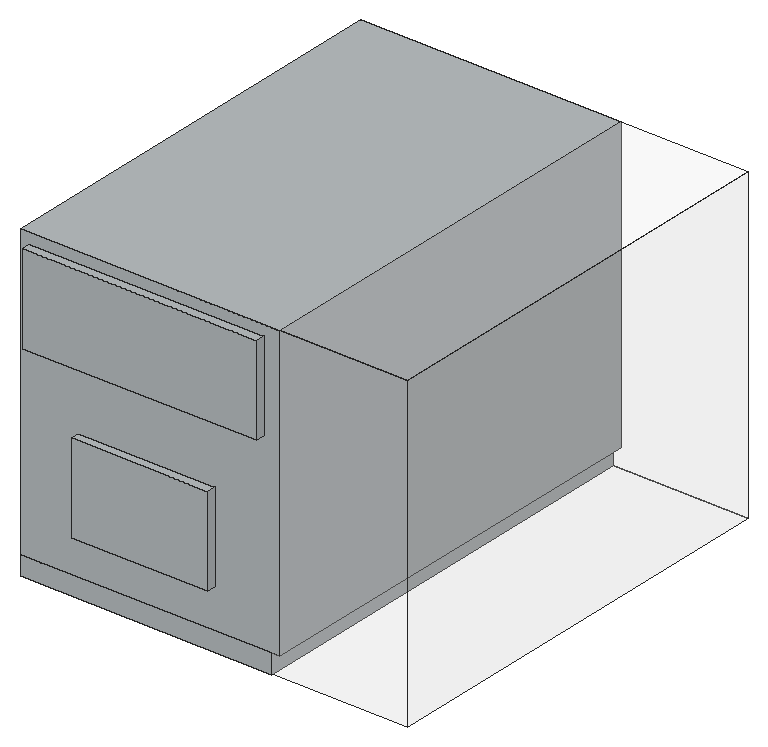
Revit family "lp-250x4-50_50Hz", category 機械設備, Revit 2019
Family settings
  丸型コネクタ寸法 = 直径を使用
  パーツ タイプ = 標準
  OmniClass 番号 = 23.75.10.34.21
  OmniClass タイトル = Heat Exchangers for Ventilation Air
  作業面ベース = いいえ
  常に垂直 = はい
  ロード時にボイドで切り取り = いいえ
  共有 = いいえ
  部屋計算ポイント = はい
Parameters (values of type "LP-250X4-50")
  騒音レベル(dB(A)) = 52.5
  風量 = 2500.0 m³/h
  面風速 = 2.58 m/s
  電源種別 [instance] = ""
  電圧 = 200 V
  電動機出力 = 1.5 W
  集中コントローラ = ""
  運転質量 = 0.00 kg
  連動 [instance] = ""
  質量 = if(製品質量 > 運転質量, 製品質量, 運転質量) * 1.2  # 540.00 kg
  負荷分類 = 3_ファン類
  説明 = "設備用ロスナイ ビル用ロスナイパック形"
  設計風量 = 0.0 m³/h
  設置方法 = "床置形"
  記号 [instance] = ""
  製造元 = "三菱電機株式会社"
  製品質量 = 450.00 kg
  製品出荷対象 = "国内"
  製品リリース年月 = "2018/7/25"
  製品グループ = ""
  系統 [instance] = ""
  符号 = "HEU"
  積算_科目 = "1 空気調和設備"
  積算_拾い区分 [instance] = ""
  相 = 3
  盤記号 [instance] = ""
  発停方法 [instance] = ""
  特殊仕様 [instance] = ""
  火災停止 [instance] = ""
  温度交換効率 = 77.00%
  消費電力 = 2500 W
  法定耐用年数 = "15"
  機外静圧_排気 = 393.0 Pa
  機外静圧 = 393.0 Pa
  極数 = 3
  材質 [instance] = ""
  本体固定用穴ピッチ2 = 565 mm
  本体固定用穴ピッチ1 = 1930 mm
  本体固定用穴_径 = 20 mm
  本体マテリアル = 溶融亜鉛めっき鋼板
  操作・制御方式 = ""
  操作・制御スイッチ = ""
  排気量 = 0.0 m³/h
  形式 = "床置形"
  幹線記号 [instance] = ""
  対象室 [instance] = ""
  実風量 = 0.0 m³/h
  始動方式 [instance] = "直入"
  外気量 = 0.0 m³/h
  呼称 = "全熱交換ユニット"
  周波数 = 50 Hz
  参照している仕様書等のバージョン = "公共建築工事標準仕様書（機械設備工事編）平成31年度版"
  初期抵抗 = 0.0 Pa
  分類コード = "50052504100050"
  分類グループ = ""
  価格 = 5874000
  企業コード = "108420"
  付属品_フィルター_還気 = ""
  付属品_フィルター = ""
  付属品 [instance] = ""
  仕様書バージョン = "Version1.0"
  モデル = "LP-250X4-50"
  メンテナンススペース = yes
  コメント [instance] = ""
  Keynote = ""
  エンタルピ交換効率_暖房 = 66.00%
  エンタルピ交換効率_冷房 = 60.00%
  Assembly Code = ""
  Width = 1218 mm
  W1 = 1180 mm
  Version = ""
  Uniclass2015Version = "Systems v1.9"
  Uniclass2015Title = "Thermal wheels"
  Uniclass2015Code = "Pr_60_60_36_88"
  URL = "https://www.mitsubishielectric.co.jp/ldg/wink/ssl/displayProduct.do?pid=294062"
  SpecificationReference = ""
  SpecificationDescription = ""
  SAサイズ_W = 640 mm
  SAサイズ_D = 420 mm
  Revision = ""
  RAダクト接続_通常 = yes
  RAダクト接続_変更1 = not(RAダクト接続_通常)  # no
  RAサイズ_W = 1100 mm
  RAサイズ_D = 420 mm
  ProductInformation = ""
  OmniClassCode = "23-27 23 19 11"
  OAダクト接続_通常 = yes
  OAダクト接続_変更1 = not(OAダクト接続_通常)  # no
  OAサイズ_W = 1100 mm
  OAサイズ_D = 420 mm
  MIN風量 = 0.0 m³/h
  MIN静圧 = 0.0 Pa
  MID風量 = 0.0 m³/h
  MID静圧 = 0.0 Pa
  MAX風量 = 2500.0 m³/h
  MAX静圧 = 393.0 Pa
  IfcTypeProduct = ""
  IfcProduct = ""
  IfcExportType = "ROTARYWHEEL"
  IfcExportAs = "IfcAirToAirHeatRecoveryType"
  Height = 1370 mm
  H1 = 90 mm
  EAサイズ_W = 640 mm
  EAサイズ_D = 420 mm
  Duct_SA_W = 273 mm
  Duct_SA_H = 274 mm
  Duct_RA_W = 43 mm
  Duct_RA_H = 296 mm
  Duct_RA_D = 49 mm
  Duct_OA_W = 43 mm
  Duct_OA_H = 296 mm
  Duct_OA_D = 49 mm
  Duct_Height = 41 mm
  Duct_EA_W = 273 mm
  Duct_EA_H = 274 mm
  Depth = 2000 mm
  D1 = 2000 mm
  Clearance Top = 0 mm
  Clearance Right = 600 mm
  Clearance Left = 0 mm
  Clearance Front = 0 mm
  Clearance Bottom = 0 mm
  Clearance Back = 0 mm
  Author = "三菱電機株式会社"
Reference planes
  plane 1 "中心(正面/背面)": y = 0
  plane 2: z = 0
  plane 3 "中心(左/右)": x = 0
  plane 4: x = 590
  plane 5: x = 628
  plane 6: y = 1000
  plane 7: y = 1000
  plane 8: y = -1000
  plane 9: y = -1000
  plane 10: x = -590
  plane 11: x = -590
  plane 12: y = 741
  plane 13: y = -741
  plane 14: y = -531
  plane 15: y = -951
  plane 16: y = 951
  plane 17: y = 531
  plane 18: x = -547
  plane 19: x = 553
  plane 20: z = 90
  plane 21: z = 1460
  plane 22: z = 1501
  plane 23: y = 565
  plane 24: y = -565
  plane 25: x = -965
  plane 26: x = 965
  plane 27: x = 1228
  plane 28: x = -590
  plane 29: y = 1000
  plane 30: y = -1000
  plane 31: z = 1460
  plane 32: z = 0
  plane 33: x = -317
  plane 34: x = 323
  plane 35: z = 274
  plane 36: z = 694
  plane 37: z = 990
  plane 38: z = 1410
  plane 39: x = -547
  plane 40: x = 553
  plane 41: y = -1041
  plane 42: y = 1041
  plane 43: x = -317
  plane 44: x = 323
  plane 45: z = 274
  plane 46: z = 694
  plane 47: z = 990
  plane 48: z = 1410
Forms (mm)
  Extrusion 1, solid, material "溶融亜鉛めっき鋼板" <- "本体マテリアル", detail levels fine
    sketch origin (0, 0, 0) x (1, 0, 0) y (0, 1, 0)
      loop
        line (-590, 1000) -> (-590, -1000) -> (628, -1000) -> (628, 1000) -> (-590, 1000)
    from 90 to 1460
  Extrusion 2, solid, material "溶融亜鉛めっき鋼板" <- "本体マテリアル", detail levels fine
    sketch origin (0, 0, 0) x (1, 0, 0) y (0, 1, 0)
      loop
        line (-590, 1000) -> (-590, -1000) -> (590, -1000) -> (590, 1000) -> (-590, 1000)
    from 0 to 90
  Extrusion 3, solid, material "溶融亜鉛めっき鋼板" <- "本体マテリアル", visible <- "RAダクト接続_変更1", detail levels fine
    sketch origin (0, 0, 0) x (1, 0, 0) y (0, 1, 0)
      loop
        line (-547, -951) -> (553, -951) -> (553, -531) -> (-547, -531) -> (-547, -951)
    from 1460 to 1501
  Extrusion 4, solid, material "溶融亜鉛めっき鋼板" <- "本体マテリアル", visible <- "OAダクト接続_変更1", detail levels fine
    sketch origin (0, 0, 0) x (1, 0, 0) y (0, 1, 0)
      loop
        line (-547, 951) -> (-547, 531) -> (553, 531) -> (553, 951) -> (-547, 951)
    from 1460 to 1501
  Extrusion 5, solid, material "溶融亜鉛めっき鋼板" <- "本体マテリアル", detail levels fine
    sketch origin (0, 0, 0) x (1, 0, 0) y (0, 0, 1)
      loop
        line (-317, 274) -> (323, 274) -> (323, 694) -> (-317, 694) -> (-317, 274)
    from 1000 to 1041
  Extrusion 6, solid, material "溶融亜鉛めっき鋼板" <- "本体マテリアル", detail levels fine
    sketch origin (0, 0, 0) x (1, 0, 0) y (0, 0, 1)
      loop
        line (323, 694) -> (-317, 694) -> (-317, 274) -> (323, 274) -> (323, 694)
    from -1041 to -1000
  Extrusion 7, solid, material "溶融亜鉛めっき鋼板" <- "本体マテリアル", visible <- "OAダクト接続_通常", detail levels fine
    sketch origin (0, -420, 0) x (1, 0, 0) y (0, 0, 1)
      loop
        line (-547, 990) -> (553, 990) -> (553, 1410) -> (-547, 1410) -> (-547, 990)
    from -1461 to -1420
  Extrusion 8, solid, material "溶融亜鉛めっき鋼板" <- "本体マテリアル", visible <- "RAダクト接続_通常", detail levels fine
    sketch origin (0, 240, 0) x (1, 0, 0) y (0, 0, 1)
      loop
        line (-547, 1410) -> (-547, 990) -> (553, 990) -> (553, 1410) -> (-547, 1410)
    from 1240 to 1281
Lines and regions (mm)
  Masking region 1, detail levels coarse+medium
    outline origin (1331.5, 88, 0) x (1, 0, 0) y (0, 1, 0)
      loop
        line (-1921.5, 912) -> (-1921.5, -1088) -> (-741.5, -1088) -> (-741.5, 912) -> (-1921.5, 912)
  symbolic lines, detail levels coarse+medium
    curve 1: line (0, 1000, 0) -> (-590, 0, 0)
    curve 2: line (-590, 0, 0) -> (0, -1000, 0)
    curve 3: line (0, -1000, 0) -> (590, 0, 0)
    curve 4: line (0, 1000, 0) -> (590, 0, 0)
Dimensions and locks
  equal spacing: plane 10, plane 3 "中心(左/右)", plane 4
  "W1": plane 10 to plane 4
  "Width": plane 11 to plane 5
  equal spacing: plane 7, plane 1 "中心(正面/背面)", plane 9
  "D1": plane 7 to plane 9
  equal spacing: plane 6, plane 1 "中心(正面/背面)", plane 8
  "Depth": plane 6 to plane 8
  equal spacing: plane 15, plane 13, plane 14
  "RAサイズ_D": plane 15 to plane 14
  equal spacing: plane 17, plane 12, plane 16
  "OAサイズ_D": plane 17 to plane 16
  "RAサイズ_W": plane 18 to plane 19
  locked: plane 11 to plane 10 at 0
  "H1": plane 20 to level
  "Height": plane 21 to plane 20
  "Duct_Height": plane 22 to plane 21
  "本体固定用穴ピッチ2": plane 1 "中心(正面/背面)" to plane 23
  "本体固定用穴ピッチ2": plane 24 to plane 1 "中心(正面/背面)"
  equal spacing: plane 25, plane 3 "中心(左/右)", plane 26
  "本体固定用穴ピッチ1": plane 25 to plane 26
  "Clearance Right": plane 5 to plane 27
  "Clearance Left": plane 28 to plane 11
  "Clearance Back": plane 29 to plane 6
  "Clearance Front": plane 8 to plane 30
  "Clearance Top": plane 31 to plane 21
  "Clearance Bottom": level to plane 32
  "Duct_RA_D": plane 8 to plane 15
  "Duct_OA_D": plane 6 to plane 16
  "Duct_SA_H": plane 35 to level
  "SAサイズ_D": plane 36 to plane 35
  "Duct_RA_H": plane 37 to plane 36
  "RAサイズ_D": plane 38 to plane 37
  "OAサイズ_W": plane 39 to plane 40
  "Duct_OA_W": plane 11 to plane 39
  "Duct_RA_W": plane 11 to plane 18
  "Duct_Height": plane 8 to plane 41
  "SAサイズ_W": plane 34 to plane 33
  "Duct_Height": plane 42 to plane 6
  "Duct_SA_W": plane 33 to plane 11
  "EAサイズ_D": plane 46 to plane 45
  "Duct_EA_H": plane 45 to level
  "Duct_EA_W": plane 43 to plane 11
  "EAサイズ_W": plane 44 to plane 43
  "OAサイズ_D": plane 48 to plane 47
  "Duct_OA_H": plane 47 to plane 46
  aligned and locked: level to plane 2
  aligned and locked: Extrusion 1 sketch curve to plane 6
  aligned and locked: plane 10 to Extrusion 1 sketch curve
  aligned and locked: Extrusion 1 sketch curve to plane 8
  aligned and locked: Extrusion 2 sketch curve to plane 7
  aligned and locked: plane 11 to Extrusion 2 sketch curve
  aligned and locked: Extrusion 2 sketch curve to plane 9
  aligned and locked: plane 15 to Extrusion 3 sketch curve
  aligned and locked: Extrusion 3 sketch curve to plane 18
  aligned and locked: plane 14 to Extrusion 3 sketch curve
  aligned and locked: Extrusion 3 sketch curve to plane 19
  aligned and locked: plane 9 to Masking region 1
  aligned and locked: Masking region 1 to plane 11
  aligned and locked: plane 7 to Masking region 1
  aligned and locked: Masking region 1 to curve 1
  aligned and locked: Masking region 1 to curve 2
  aligned and locked: plane 20 to Extrusion 2
  aligned and locked: plane 21 to Extrusion 1
  aligned and locked: Extrusion 1 to plane 20
  aligned and locked: plane 22 to Extrusion 3
  aligned and locked: Extrusion 3 to plane 21
  aligned and locked: plane 27 to nested 1
  aligned and locked: nested 1 to plane 30
  aligned and locked: nested 1 to plane 29
  aligned and locked: nested 1 to plane 31
  aligned and locked: nested 1 to plane 32
  aligned and locked: plane 9 to curve 2
  aligned and locked: plane 3 "中心(左/右)" to curve 3
  aligned and locked: plane 4 to curve 3
  aligned and locked: plane 3 "中心(左/右)" to curve 4
  aligned and locked: plane 1 "中心(正面/背面)" to curve 4
  aligned and locked: nested 2 to plane 24
  aligned and locked: plane 25 to nested 2
  aligned and locked: nested 2 to plane 26
  aligned and locked: plane 25 to nested 3
  aligned and locked: nested 3 to plane 26
  aligned and locked: plane 1 "中心(正面/背面)" to nested 3
  aligned and locked: plane 25 to nested 4
  aligned and locked: nested 4 to plane 26
  aligned and locked: nested 4 to plane 23
  aligned and locked: nested 1 to plane 28
  aligned and locked: Masking region 1 to plane 4
  aligned and locked: plane 4 to Extrusion 2 sketch curve
  aligned and locked: plane 5 to Extrusion 1 sketch curve
  aligned and locked: Extrusion 4 sketch curve to plane 16
  aligned and locked: plane 18 to Extrusion 4 sketch curve
  aligned and locked: Extrusion 4 sketch curve to plane 17
  aligned and locked: plane 22 to Extrusion 4
  aligned and locked: Extrusion 4 to plane 21
  aligned and locked: Extrusion 5 sketch curve to plane 35
  aligned and locked: Extrusion 5 sketch curve to plane 33
  aligned and locked: plane 36 to Extrusion 5 sketch curve
  aligned and locked: Extrusion 5 sketch curve to plane 34
  aligned and locked: Extrusion 5 to plane 41
  aligned and locked: Extrusion 5 to plane 8
  aligned and locked: Extrusion 6 to plane 42
  aligned and locked: Extrusion 6 to plane 6
  aligned and locked: Extrusion 7 to plane 42
  aligned and locked: Extrusion 7 to plane 6
  aligned and locked: Extrusion 8 sketch curve to plane 38
  aligned and locked: plane 18 to Extrusion 8 sketch curve
  aligned and locked: Extrusion 8 sketch curve to plane 37
  aligned and locked: plane 19 to Extrusion 8 sketch curve
  aligned and locked: Extrusion 8 to plane 41
  aligned and locked: Extrusion 8 to plane 8
  aligned and locked: plane 46 to Extrusion 6 sketch curve
  aligned and locked: plane 44 to Extrusion 6 sketch curve
  aligned and locked: Extrusion 6 sketch curve to plane 45
  aligned and locked: Extrusion 6 sketch curve to plane 43
  aligned and locked: Extrusion 7 sketch curve to plane 47
  aligned and locked: Extrusion 7 sketch curve to plane 18
  aligned and locked: Extrusion 7 sketch curve to plane 48
  aligned and locked: plane 40 to Extrusion 4 sketch curve
  aligned and locked: Extrusion 7 sketch curve to plane 40
Automatic sketch dimensions
  plane 1 "中心(正面/背面)" to curve 1 = 0 mm
  curve 1 to plane 10 = 0 mm
  curve 4 to plane 7 = 0 mm
  plane 9 to Masking region 1 sketch curve = 0 mm
  Masking region 1 sketch curve to plane 10 = 0 mm
  Masking region 1 sketch curve to plane 4 = 0 mm
  Masking region 1 sketch curve to plane 7 = 0 mm
Nested families
  nested 1: "メンテナンススペース" at (319, 0, 730), visible <- "メンテナンススペース", type "メンテナンススペース"
    with Width 1818 mm, Height 1460 mm, Depth 2000 mm
  nested 2: "固定点" at (-965, -565, 0), type "固定点"
    with W 1930 mm, D 1000 mm
  nested 3: "固定点" at (-965, 0, 0), type "固定点"
    with W 1930 mm, D 1000 mm
  nested 4: "固定点" at (-965, 565, 0), type "固定点"
    with W 1930 mm, D 1000 mm
Connectors
  electrical at (628, 0, 775), driven by "極数", driven by "負荷分類", driven by "電圧", driven by "消費電力"
    settings: on Extrusion 1, index 5, voltage 200 V, apparent load 2500 VA, apparent load phase1 0 VA, apparent load phase2 0 VA, apparent load phase3 0 VA, power factor 1, load classification "3_ファン類", number of poles 3, system type 30, power factor state 1, is connector primary yes, connector utility no, sub classification motor no, connector description ""
  hvac at (3, -1041, 484), driven by "SAサイズ_D", driven by "SAサイズ_W", driven by "機外静圧", driven by "風量"
    settings: on Extrusion 5, index 6, duct flow 2500.0 m³/h, flow factor 0, pres drop 393.0 Pa, loss coef 0, conn angle 0.00°, conn width 640 mm, conn height 420 mm, conn diameter 609.6 mm, duct sys type 1, conn prof type 1, flow config 0, flow direction 2, loss method 4, conn ref index -1, conn util no, is conn primary yes, conn desc ""
  hvac at (3, -1041, 1200), driven by "RAサイズ_D", driven by "RAサイズ_W", driven by "機外静圧", driven by "風量"
    settings: on Extrusion 8, index 8, duct flow 2500.0 m³/h, flow factor 0, pres drop 393.0 Pa, loss coef 0, conn angle 0.00°, conn width 1100 mm, conn height 420 mm, conn diameter 609.6 mm, duct sys type 2, conn prof type 1, flow config 0, flow direction 1, loss method 4, conn ref index -1, conn util no, is conn primary no, conn desc ""
  hvac at (3, -741, 1501), driven by "RAサイズ_D", driven by "RAサイズ_W"
    settings: on Extrusion 3, index 9, duct flow 0.0 m³/h, flow factor 0, pres drop 0.0 Pa, loss coef 0, conn angle 0.00°, conn width 1100 mm, conn height 420 mm, conn diameter 609.6 mm, duct sys type 2, conn prof type 1, flow config 0, flow direction 1, loss method 4, conn ref index -1, conn util no, is conn primary no, conn desc ""
  hvac at (3, 741, 1501), driven by "OAサイズ_D", driven by "OAサイズ_W", driven by "機外静圧", driven by "風量"
    settings: on Extrusion 4, index 10, duct flow 2500.0 m³/h, flow factor 0, pres drop 393.0 Pa, loss coef 0, conn angle 0.00°, conn width 1100 mm, conn height 420 mm, conn diameter 609.6 mm, duct sys type 4, conn prof type 1, flow config 0, flow direction 1, loss method 4, conn ref index -1, conn util no, is conn primary no, conn desc ""
  hvac at (3, 1041, 1200), driven by "OAサイズ_D", driven by "OAサイズ_W", driven by "機外静圧", driven by "風量"
    settings: on Extrusion 7, index 11, duct flow 2500.0 m³/h, flow factor 0, pres drop 393.0 Pa, loss coef 0, conn angle 0.00°, conn width 1100 mm, conn height 420 mm, conn diameter 609.6 mm, duct sys type 4, conn prof type 1, flow config 0, flow direction 1, loss method 4, conn ref index -1, conn util no, is conn primary no, conn desc ""
  hvac at (3, 1041, 484), driven by "EAサイズ_D", driven by "EAサイズ_W", driven by "機外静圧_排気", driven by "排気量"
    settings: on Extrusion 6, index 12, duct flow 0.0 m³/h, flow factor 0, pres drop 393.0 Pa, loss coef 0, conn angle 0.00°, conn width 640 mm, conn height 420 mm, conn diameter 609.6 mm, duct sys type 3, conn prof type 1, flow config 0, flow direction 2, loss method 4, conn ref index -1, conn util no, is conn primary no, conn desc ""
Definition of nested family "メンテナンススペース"
  Parameters (values of type "メンテナンススペース")
    Width [instance] = 500 mm
    Height [instance] = 500 mm
    Depth [instance] = 500 mm
  Reference planes
    plane 1 "中心(正面/背面)": y = 0
    plane 2: z = 0
    plane 3 "中心(左/右)": x = 0
    plane 4: y = -250
    plane 5: x = 250
    plane 6: y = 250
    plane 7: x = -250
    plane 8: z = 250
    plane 9: z = -250
  Forms (mm)
    Extrusion 1, solid
      sketch origin (-638.939, 0, 72.39) x (1, 0, 0) y (0, 1, 0)
        loop
          line (388.939, 250) -> (388.939, -250) -> (888.939, -250) -> (888.939, 250) -> (388.939, 250)
      from -322.39 to 177.61
  Lines and regions (mm)
    symbolic lines
      curve 1: line (-250, 0, 250) -> (250, 0, 250)
      curve 2: line (-250, 0, -250) -> (-250, 0, 250)
      curve 3: line (250, 0, -250) -> (-250, 0, -250)
      curve 4: line (250, 0, 250) -> (250, 0, -250)
      curve 5: line (0, -250, 250) -> (0, 250, 250)
      curve 6: line (0, -250, -250) -> (0, -250, 250)
      curve 7: line (0, 250, -250) -> (0, -250, -250)
      curve 8: line (0, 250, 250) -> (0, 250, -250)
      curve 9: line (-250, 250, 0) -> (250, 250, 0)
      curve 10: line (-250, -250, 0) -> (-250, 250, 0)
      curve 11: line (250, -250, 0) -> (-250, -250, 0)
      curve 12: line (250, 250, 0) -> (250, -250, 0)
  Dimensions and locks
    equal spacing: plane 7, plane 3 "中心(左/右)", plane 5
    equal spacing: plane 4, plane 1 "中心(正面/背面)", plane 6
    "Depth": plane 4 to plane 6
    "Width": plane 7 to plane 5
    equal spacing: plane 8, plane 2, plane 9
    "Height": plane 8 to plane 9
    aligned and locked: plane 9 to curve 3
    aligned and locked: plane 7 to curve 2
    aligned and locked: curve 4 to plane 5
    aligned and locked: plane 5 to Extrusion 1
    aligned and locked: Extrusion 1 to plane 7
    aligned and locked: Extrusion 1 to plane 9
    aligned and locked: plane 8 to Extrusion 1
    aligned and locked: plane 9 to curve 7
  Automatic sketch dimensions
    plane 4 to Extrusion 1 sketch curve = 0 mm
    Extrusion 1 sketch curve to plane 7 = 0 mm
    Extrusion 1 sketch curve to plane 5 = 0 mm
    plane 6 to Extrusion 1 sketch curve = 0 mm
    curve 2 to plane 8 = 0 mm
    plane 4 to curve 11 = 0 mm
    curve 11 to plane 7 = 0 mm
    curve 11 to plane 5 = 0 mm
    plane 6 to curve 10 = 0 mm
    curve 7 to plane 4 = 0 mm
    curve 7 to plane 6 = 0 mm
    curve 6 to plane 8 = 0 mm
Definition of nested family "固定点"
  Parameters (values of type "固定点")
    中心円 = 20 mm
    W [instance] = 1000 mm
    D [instance] = 1000 mm
  Reference planes
    plane 1 "中心(正面/背面)": y = 0
    plane 2: z = 0
    plane 3 "中心(左/右)": x = 0
    plane 4: x = 1000
  Lines and regions (mm)
    symbolic lines, detail levels fine
      curve 1: circle (0, 0, 0) r 10 normal (0, 0, 1)
      curve 2: circle (1000, 0, 0) r 10 normal (0, 0, 1)
      curve 3: line (-200, 0, 0) -> (1200, 0, 0)
      curve 4: line (0, 200, 0) -> (0, -200, 0)
      curve 5: line (1000, 200, 0) -> (1000, -200, 0)
  Dimensions and locks
    "W": plane 3 "中心(左/右)" to plane 4
    "中心円": diameter of curve 1
    "中心円": diameter of curve 2
    aligned and locked: level to plane 2
    aligned and locked: plane 3 "中心(左/右)" to curve 1
    aligned and locked: plane 1 "中心(正面/背面)" to curve 1
    aligned and locked: plane 1 "中心(正面/背面)" to curve 2
    aligned and locked: plane 4 to curve 2
    aligned and locked: plane 1 "中心(正面/背面)" to curve 3
    aligned and locked: curve 4 to plane 3 "中心(左/右)"
    aligned and locked: curve 5 to plane 4
  Automatic sketch dimensions
    curve 3 to plane 3 "中心(左/右)" = 200 mm
    curve 2 to curve 3 = 200 mm
    plane 1 "中心(正面/背面)" to curve 4 = 200 mm
    plane 1 "中心(正面/背面)" to curve 5 = 200 mm
    curve 5 to plane 1 "中心(正面/背面)" = 200 mm
    curve 4 to plane 1 "中心(正面/背面)" = 200 mm
